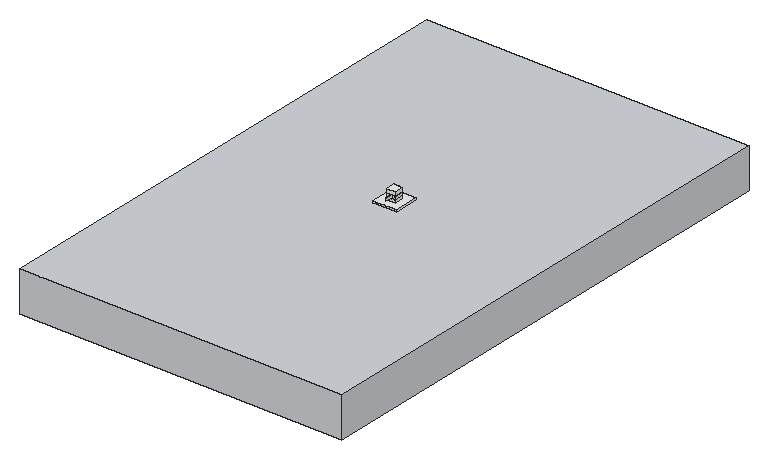
Revit family "Balance_Trim-GROHE-Eurocube-19925000", category Plumbing Fixtures, host Face, Revit 2014
Parameters (values of type "19925000")
  Width = 7 3/16"  # constant formula
  Waste Connection = no
  Warranty Documentation Link = "https://cdn.cloud.grohe.com/tpi/1000/1900/1940/1949/1949006/original/1949006.pdf"
  WFU = 4  # constant formula
  Vent Connection = no
  URL = "https://www.grohe.us"
  Type Comments = ""
  Tempered Connection Radius = Tempered Connection Diameter / 2  # 1/4"
  Tempered Connection Diameter = Hot Water Connection Diameter  # 1/2"
  Shipping Weight = 3.752 lbf
  Product Page URL = "https://www.grohe.us/en_us/grohe-eurocube-dual-function-pressure-balance-trim-with-control-module-19925000.html"
  Price = "Prices may vary. Please consult Manufacturer Representative for most up-to-date price list."  # constant formula
  Model = "19925000"
  Material = "Metal-Grohe-000-Chrome"
  Manufacturer = "Grohe"
  Length = 3 7/16"  # constant formula
  Installation Type = "Wall Mounted"
  Hot Water Connection Radius = Hot Water Connection Diameter / 2  # 1/4"
  Hot Water Connection Diameter = Cold Water Connection Diameter  # 1/2"
  Height = 40"
  HWFU = 3  # constant formula
  HW Connection = yes
  Flow Rate = " 5.3 gpm at 45 psi (bottom outlet), 2.9 gpm at 45 psi (top outlet)"  # constant formula
  Finish = Metal-Grohe-000-Chrome
  Description = "Eurocube Dual function pressure balance trim with control module"  # constant formula
  Default Elevation = 44"  # constant formula
  Creation Date = "06/29/2017"  # constant formula
  Cold Water Connection Radius = 1/4"  # constant formula
  Cold Water Connection Diameter = Cold Water Connection Radius * 2  # 1/2"
  CWFU = 3  # constant formula
  CW Connection = yes
  Assembly Code = "D2010710"
Reference planes (in)
  plane 1 "Center (Front/Back)": y = 0
  plane 2: z = 0
  plane 3 "Center (Left/Right)": x = 0
  plane 4: y = 40
  plane 5: y = -18
  plane 6: y = -39
  plane 7: y = 3.34375
  plane 8: y = -3.34375
  plane 9: x = 3.34375
  plane 10: x = -3.34375
  plane 11: z = 0.75
  plane 12: y = 1.25
  plane 13: y = -1.25
  plane 14: x = -1.25
  plane 15: x = 1.25
  plane 16: x = -0.15075
  plane 17: x = 0.15075
Forms (in)
  Extrusion 1, solid
    sketch origin (0, 0, 0) x (1, 0, 0) y (0, 1, 0)
      loop
        line (-48, 72) -> (-48, -79.70833) -> (48, -79.70833) -> (48, 72) -> (-48, 72)
    from 0 to -12
  Extrusion 2, solid, material "Metal-Grohe-000-Chrome" <- "Finish"
    sketch origin (0, 0, 0) x (1, 0, 0) y (0, 1, 0)
      loop
        line (-3.53758, 3.58094) -> (-3.53758, -3.60462) -> (3.53758, -3.60462) -> (3.53758, 3.58094) -> (-3.53758, 3.58094)
    from 0 to 0.50639
  Extrusion 3, solid, material "Metal-Grohe-000-Chrome" <- "Finish"
    sketch origin (0, 0, 0) x (1, 0, 0) y (0, 1, 0)
      loop
        line (-1.27501, 1.26317) -> (-1.27501, -1.28685) -> (1.27501, -1.28685) -> (1.27501, 1.26317) -> (-1.27501, 1.26317)
    from 0.18606 to 3.51071
  Extrusion 4, void
    sketch origin (0, 0, 0) x (1, 0, 0) y (0, 1, 0)
      loop
        line (-1.21251, 1.20067) -> (-1.21251, -1.22435) -> (1.21251, -1.22435) -> (1.21251, 1.20067) -> (-1.21251, 1.20067)
      loop
        line (-1.33751, 1.32567) -> (-1.33751, -1.34935) -> (1.33751, -1.34935) -> (1.33751, 1.32567) -> (-1.33751, 1.32567)
    from 1.36659 to 1.43215
  Extrusion 5, solid, material "Metal-Grohe-000-Chrome" <- "Finish"
    sketch origin (0, 0, 0) x (1, 0, 0) y (0, 1, 0)
      loop
        line (-0.09197, -3.34375) -> (0.09197, -3.34375) -> (0.1607, -0.93856) -> (-0.1607, -0.93856) -> (-0.09197, -3.34375)
    from 1.46131 to 2.17914
  Extrusion 6, solid, material "Metal-Grohe-000-Chrome" <- "Finish"
    sketch origin (0, 0, 0) x (1, 0, 0) y (0, 1, 0)
      loop
        circle (-0.81362, 0) r 0.25
      loop
        circle (0.81362, 0) r 0.25
    from 0 to 0.0625
  Extrusion 7, solid, material "Metal-Grohe-000-Chrome" <- "Finish"
    sketch origin (0, 0, 0) x (0, 1, 0) y (0, 0, 1)
      loop
        line (1.63208, 3.20018) -> (0.69479, 3.20018) -> (0.69479, 2.40512) -> (1.63208, 2.40512) -> (1.63208, 3.20018)
    from -0.15075 to 0.15075
  Extrusion 8, void
    sketch origin (0, -0.04483, 0.85534) x (1, 0, 0) y (0, 1, 0)
      loop
        line (-1.21251, 1.20067) -> (-1.21251, -1.22435) -> (1.21251, -1.22435) -> (1.21251, 1.20067) -> (-1.21251, 1.20067)
      loop
        line (-1.33751, 1.32567) -> (-1.33751, -1.34935) -> (1.33751, -1.34935) -> (1.33751, 1.32567) -> (-1.33751, 1.32567)
    from 1.36659 to 1.43215
Cuts and joins
  Extrusion 4, Extrusion 8 cuts Extrusion 2
  Extrusion 4, Extrusion 8 cuts Extrusion 3
  Extrusion 8 cuts Extrusion 5
  Extrusion 8 cuts Extrusion 6
  joined: Extrusion 2, Extrusion 3, Extrusion 5, Extrusion 6, Extrusion 7
Lines and regions (in)
  Masking region 1
    outline origin (0, 0, 0) x (1, 0, 0) y (0, 0, 1)
      loop
        line (3.53758, 0) -> (3.53758, 0.50639) -> (1.27501, 0.50639) -> (1.27501, 1.36659) -> (1.21251, 1.36659) -> (1.21251, 1.43215) -> (1.27501, 1.43215) -> (1.27501, 2.22193) -> (1.21251, 2.22193) -> (1.21251, 2.28749) -> (1.27501, 2.28749) -> (1.27501, 3.51071) -> (-1.27501, 3.51071) -> (-1.27501, 2.28749) -> (-1.21251, 2.28749) -> (-1.21251, 2.22193) -> (-1.27501, 2.22193) -> (-1.27501, 1.43215) -> (-1.21251, 1.43215) -> (-1.21251, 1.36659) -> (-1.27501, 1.36659) -> (-1.27501, 0.50639) -> (-3.53758, 0.50639) -> (-3.53758, 0) -> (3.53758, 0)
  symbolic lines, detail levels medium+fine
    curve 1: line (1.27501, 0, 0.50639) -> (-1.27501, 0, 0.50639)
    curve 6: line (0.15075, 0, 3.20018) -> (-0.15075, 0, 3.20018)
    curve 7: line (0.15075, 0, 2.40512) -> (0.15075, 0, 3.20018)
    curve 8: line (-0.15075, 0, 2.40512) -> (0.15075, 0, 2.40512)
    curve 9: line (-0.15075, 0, 3.20018) -> (-0.15075, 0, 2.40512)
  symbolic lines, detail levels fine
    curve 2: line (1.21251, 0, 1.43215) -> (-1.21251, 0, 1.43215)
    curve 3: line (1.21251, 0, 1.36659) -> (-1.21251, 0, 1.36659)
    curve 4: line (1.21251, 0, 2.28749) -> (-1.21251, 0, 2.28749)
    curve 5: line (1.21251, 0, 2.22193) -> (-1.21251, 0, 2.22193)
Dimensions and locks (in)
  plane 1 "Center (Front/Back)" to plane 5 = 18"
  plane 5 to plane 6 = 21"
  plane 1 "Center (Front/Back)" to plane 4 = 40"
  equal spacing: plane 7, plane 1 "Center (Front/Back)", plane 8
  plane 7 to plane 8 = 6 11/16"
  plane 11 to level = 3/4"
  "Hot Water Connection Diameter": diameter of Extrusion 6 sketch curve
  "Cold Water Connection Diameter": diameter of Extrusion 6 sketch curve
  aligned and locked: plane 2 to Extrusion 1
  aligned and locked: level to Extrusion 1
Automatic sketch dimensions
  Extrusion 1 sketch curve to Extrusion 1 sketch curve = 96"
  Extrusion 1 sketch curve to Extrusion 1 sketch curve = 151.70833"
  Extrusion 2 sketch curve to plane 10 = 0.19383"
  Extrusion 2 sketch curve to plane 9 = 0.19383"
  Extrusion 2 sketch curve to plane 8 = 0.26087"
  Extrusion 2 sketch curve to plane 7 = 0.23719"
  plane 14 to Extrusion 3 sketch curve = 0.02501"
  plane 15 to Extrusion 3 sketch curve = 0.02501"
  plane 13 to Extrusion 3 sketch curve = 0.03685"
  plane 12 to Extrusion 3 sketch curve = 0.01317"
  plane 14 to Extrusion 4 sketch curve = 0.08751"
  Extrusion 4 sketch curve to plane 14 = 0.03749"
  Extrusion 4 sketch curve to plane 15 = 0.03749"
  plane 15 to Extrusion 4 sketch curve = 0.08751"
  plane 13 to Extrusion 4 sketch curve = 0.09935"
  Extrusion 4 sketch curve to plane 13 = 0.02565"
  Extrusion 4 sketch curve to plane 12 = 0.04933"
  plane 12 to Extrusion 4 sketch curve = 0.07567"
  Extrusion 5 sketch curve to plane 8 = 0"
  Extrusion 5 sketch curve to plane 3 "Center (Left/Right)" = 0.1607"
  Extrusion 5 sketch curve to plane 3 "Center (Left/Right)" = 0.09197"
  plane 3 "Center (Left/Right)" to Extrusion 5 sketch curve = 0.09197"
  plane 3 "Center (Left/Right)" to Extrusion 5 sketch curve = 0.1607"
  Extrusion 5 sketch curve to plane 13 = 0.31144"
  plane 1 "Center (Front/Back)" to Extrusion 6 sketch curve = 0"  (x2)
  Extrusion 6 sketch curve to plane 14 = 0.43638"
  Extrusion 6 sketch curve to plane 15 = 0.43638"
  Extrusion 7 sketch curve to plane 12 = 0.55521"
  plane 12 to Extrusion 7 sketch curve = 0.38208"
  plane 11 to Extrusion 7 sketch curve = 1.65512"
  Extrusion 7 sketch curve to Extrusion 7 sketch curve = 0.79506"
  plane 12 to Extrusion 8 sketch curve = 0.03084"
  plane 14 to Extrusion 8 sketch curve = 0.08751"
  Extrusion 8 sketch curve to plane 14 = 0.03749"
  Extrusion 8 sketch curve to plane 15 = 0.03749"
  plane 15 to Extrusion 8 sketch curve = 0.08751"
  Extrusion 8 sketch curve to plane 12 = 0.09416"
  plane 13 to Extrusion 8 sketch curve = 0.01918"
  plane 13 to Extrusion 8 sketch curve = 0.14418"
  Masking region 1 sketch curve to level = 0"
  Masking region 1 sketch curve to plane 10 = 0.19383"
  plane 14 to Masking region 1 sketch curve = 0.02501"  (x3)
  Masking region 1 sketch curve to plane 14 = 0.03749"  (x2)
  Masking region 1 sketch curve to plane 15 = 0.03749"  (x2)
  plane 15 to Masking region 1 sketch curve = 0.02501"  (x3)
  Masking region 1 sketch curve to plane 9 = 0.19383"
  Masking region 1 sketch curve to plane 11 = 0.24361"  (x2)
  plane 11 to Masking region 1 sketch curve = 0.61659"  (x2)
  Masking region 1 sketch curve to Masking region 1 sketch curve = 0.06556"  (x4)
  Masking region 1 sketch curve to Masking region 1 sketch curve = 0.78977"  (x2)
  Masking region 1 sketch curve to Masking region 1 sketch curve = 1.22323"
  plane 16 to curve 6 = 0"
  curve 6 to plane 17 = 0"
  plane 11 to curve 8 = 1.65512"
  curve 7 to curve 6 = 0.79506"
  curve 5 to plane 14 = 0.03749"
  curve 3 to plane 14 = 0.03749"
  curve 2 to plane 14 = 0.03749"
  curve 4 to plane 14 = 0.03749"
  plane 14 to curve 1 = 0.02501"
  curve 3 to plane 15 = 0.03749"
  curve 5 to plane 15 = 0.03749"
  curve 4 to plane 15 = 0.03749"
  curve 2 to plane 15 = 0.03749"
  plane 15 to curve 1 = 0.02501"
  curve 4 to curve 8 = 0.11763"
  curve 5 to curve 4 = 0.06556"
  plane 11 to curve 2 = 0.68215"
  curve 3 to curve 2 = 0.06556"
  curve 1 to plane 11 = 0.24361"
Connectors (in)
  piping at (-0.81362, 0, 0), diameter 0.5, driven by "Hot Water Connection Diameter"
    settings: on Extrusion 6, index 1, connector inside diameter 24", connector length 0", flow factor 0, pipe flow 0 GPM, pressure drop 0.00 psi, fitting loss kfactor 0, connector angle 0.00°, fixture units 0, engagement length 0", angle of deflection 0.00°, flow configuration 0, flow direction 1, fitting loss method 0, system type 19, joint type 0, gender type 0, connector reference index -1, connector utility 0, adjustable connector no, is connector primary yes, connector description "1/2\" NPT HW Inlet"
  piping at (0.81362, 0, 0), diameter 0.5, driven by "Cold Water Connection Diameter"
    settings: on Extrusion 6, index 2, connector inside diameter 24", connector length 0", flow factor 0, pipe flow 0 GPM, pressure drop 0.00 psi, fitting loss kfactor 0, connector angle 0.00°, fixture units 0, engagement length 0", angle of deflection 0.00°, flow configuration 0, flow direction 1, fitting loss method 0, system type 20, joint type 0, gender type 0, connector reference index -1, connector utility 0, adjustable connector no, is connector primary no, connector description "1/2\" NPT CW Inlet"
